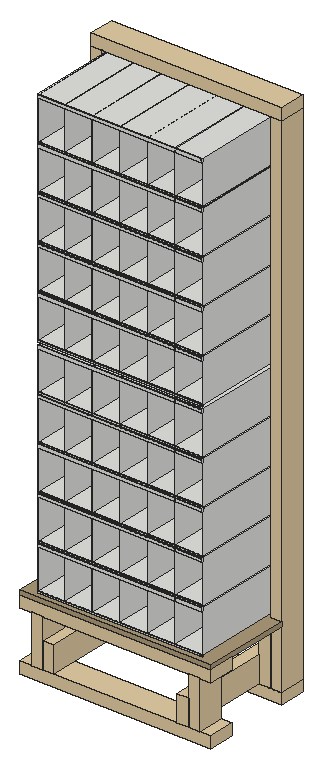
Revit family "Mailboxes_Aluminum-Standard_System-Salsbury_Industries-Wall_Installation", category Specialty Equipment, host Wall, Revit 2016
Family settings
  Host = Wall
  Part Type = Normal
  Round Connector Dimension = Use Diameter
  OmniClass Number = 23.40.90.14.11
  OmniClass Title = Mail Boxes
  Always vertical = Yes
  Cut with Voids When Loaded = No
  Shared = No
  Room Calculation Point = No
Parameters (values of type "Starter Column - 2200 Series Aluminum Mailboxes-Standard System - 2 Unit High Installation")
  Version = "2.0 (06/31/18)"
  URL = "www.mailboxes.com"
  Type Comments = "2 Unit High Installation of models 2230, 2220, 2218, 2214, 2210, 2206"
  Trim Material = Aluminum - Salsbury Finish - Black
  OmniClass 23 Title = "Mail Boxes"
  OmniClass 23 Number = "23.40.90.14.11"
  Lock Material = Stainless Steel -Salsbury Finish - Polished
  Installation Type = "Starter Column"
  Rough Opening Width = 22.500"
  Rough Opening Height = 60.000"
  Front Panel Material = Aluminum - Salsbury Finish - Aluminum
  Base Height_Calc [instance] = if(Base Height < 7.125", 7.125", Base Height)  # 10.000"
  Back Enclosure Material = Steel - Salsbury Finish - Clear
  Add On Column (not applicable) = yes
  2x4 Spacing = 24.000"
  Right Rough Opening Offset = 1.500"
  Platform Material = Plywood
  Model = "Wall Installation for 2200 Series Aluminum Mailboxes"
  MasterFormat Title = "Postal Specialties"
  MasterFormat Number = "10 55 00"
  Manufacturer = "Salsbury Industries"
  Left Rough Opening Offset = 1.500"
  Description = "For Rear Loading Unit Installation"
  Base Height [instance] = 10.000"
  Base Depth = 16.000"
  Assembly Code = "C1030910"
  2x4 Platform Support = Softwood, Lumber
  2200 Series Mailbox Unit-Top Unit [instance] = 2200_Series_Aluminum_Mailboxes_Standard_Units : 2230
  2200 Series Mailbox Unit-Bottom Unit [instance] = 2200_Series_Aluminum_Mailboxes_Standard_Units : 2230
Reference planes (in)
  plane 1 "Center of Wall": y = 0
  plane 2 "Center (Left/Right)": x = 0
  plane 3 "Front Face of Wall": y = 2.4375
  plane 4 "Left Side of RO": x = 11.25
  plane 5 "Right Side of RO": x = -11.25
  plane 6 "Top of RO": z = 70
  plane 7 "Bottom of RO": z = 10
  plane 8 "Back of Platform": y = -13.5625
  plane 9 "Floor": z = 0
  plane 10 "Back Face of Wall": y = -2.4375
  plane 11 "Base-Back Bottom Frame": z = 1.5
  plane 12 "Base-Back TopFrame": z = 7.875
  plane 13 "Base Center-Back TopFrame": z = 8.625
  plane 14 "Base Center-Back Bottom Frame": z = 0.75
  plane 15 "Bottom of Platform": z = 9.375
  plane 16 "Brace/Support Align-Right": x = -9.75
  plane 17 "Brace/Support Align-Left": x = 9.75
  plane 18 "Wall Opening Extension - Left": x = 12.75
  plane 19 "Wall Opening Extension - Right": x = -12.75
  plane 20 "Wall Opening Extension - Top": z = 71.5
  plane 21 "Right Rack Ladder Align": x = -12
  plane 22 "Left Rack Ladder Align": x = 12
  plane 23: z = 5
  plane 24: y = -1.75
  plane 25: y = 1.75
  plane 26 "Vertical Center of RO": z = 40
  plane 27: z = 70
  plane 28 "Center of Mailboxes": x = 0
  plane 29 "Mailbox Side Align": x = 11.656
  plane 30 "Bottom of Top Unit": z = 36.375
  plane 31 "Front Edge of Platform": y = 2.0625
  plane 32: y = -10.0625
  plane 33: x = 8.25
  plane 34: x = -8.25
  plane 35: x = 12.75
  plane 36: x = 11.25
  plane 37 "ADA Minimum Height Requirement": z = 15
  plane 38: z = 5
Forms (in)
  Extrusion 1, void
    sketch origin (0, 0, 0) x (1, 0, 0) y (0, 0, 1)
      loop
        line (11.25, 70) -> (-11.25, 70) -> (-11.25, 10) -> (11.25, 10) -> (11.25, 70)
    from -2.4375 to 2.4375
  Extrusion 2, void
    sketch origin (0, -2.4375, 0) x (-1, 0, 0) y (0, 0, 1)
      loop
        line (11.25, 10) -> (-11.25, 10) -> (-11.25, 0) -> (11.25, 0) -> (11.25, 10)
    from 0 to 4.5
  Extrusion 3, solid, material "Softwood, Lumber" <- "2x4 Platform Support"
    sketch origin (0, 0, 0) x (1, 0, 0) y (0, 1, 0)
      loop
        line (12.75, -13.5625) -> (12.75, -10.0625) -> (-12.75, -10.0625) -> (-12.75, -13.5625) -> (12.75, -13.5625)
    from 0 to 1.5
  Extrusion 4, solid, material "Softwood, Lumber" <- "2x4 Platform Support"
    sketch origin (0, 11.8125, 0) x (1, 0, 0) y (0, 1, 0)
      loop
        line (12.75, -13.5625) -> (12.75, -10.0625) -> (-12.75, -10.0625) -> (-12.75, -13.5625) -> (12.75, -13.5625)
    from 0 to 1.5
  Extrusion 5, solid, material "Softwood, Lumber" <- "2x4 Platform Support"
    sketch origin (0, 0, 7.875) x (1, 0, 0) y (0, 1, 0)
      loop
        line (12.75, -13.5625) -> (12.75, -10.0625) -> (-12.75, -10.0625) -> (-12.75, -13.5625) -> (12.75, -13.5625)
    from 0 to 1.5
  Extrusion 6, solid, material "Softwood, Lumber" <- "2x4 Platform Support"
    sketch origin (0, 0, 7.875) x (1, 0, 0) y (0, 1, 0)
      loop
        line (11.25, -1.75) -> (11.25, 1.75) -> (-11.25, 1.75) -> (-11.25, -1.75) -> (11.25, -1.75)
    from 0 to 1.5
  Extrusion 7, solid, material "Softwood, Lumber" <- "2x4 Platform Support"
    sketch origin (-11.25, 0, 0) x (0, 0, -1) y (0, 1, 0)
      loop
        line (-7.875, -13.5625) -> (-1.5, -13.5625) -> (-1.5, -10.0625) -> (-7.875, -10.0625) -> (-7.875, -13.5625)
    from 0 to 1.5
  Extrusion 8, solid, material "Softwood, Lumber" <- "2x4 Platform Support"
    sketch origin (-11.25, 0, 0) x (0, 0, -1) y (0, 1, 0)
      loop
        line (-7.875, -1.75) -> (-1.5, -1.75) -> (-1.5, 1.75) -> (-7.875, 1.75) -> (-7.875, -1.75)
    from 0 to 1.5
  Extrusion 9, solid, material "Softwood, Lumber" <- "2x4 Platform Support", visible <- "Add On Column (not applicable)"
    sketch origin (11.25, 0, 0) x (0, 0, -1) y (0, 1, 0)
      loop
        line (-7.875, -13.5625) -> (-1.5, -13.5625) -> (-1.5, -10.0625) -> (-7.875, -10.0625) -> (-7.875, -13.5625)
    from 0 to -1.5
  Extrusion 10, solid, material "Softwood, Lumber" <- "2x4 Platform Support", visible <- "Add On Column (not applicable)"
    sketch origin (11.25, 0, 0) x (0, 0, -1) y (0, 1, 0)
      loop
        line (-7.875, -1.75) -> (-1.5, -1.75) -> (-1.5, 1.75) -> (-7.875, 1.75) -> (-7.875, -1.75)
    from 0 to -1.5
  Extrusion 11, solid, material "Softwood, Lumber" <- "2x4 Platform Support"
    sketch origin (-9.75, 0, 0) x (0, 0, -1) y (0, -1, 0)
      loop
        line (-1.5, 13.5625) -> (-5, 13.5625) -> (-5, -1.75) -> (-1.5, -1.75) -> (-1.5, 13.5625)
    from 0 to -1.5
  Extrusion 12, solid, material "Softwood, Lumber" <- "2x4 Platform Support", visible <- "Add On Column (not applicable)"
    sketch origin (9.75, 0, 0) x (0, 0, -1) y (0, -1, 0)
      loop
        line (-1.5, 13.5625) -> (-5, 13.5625) -> (-5, -1.75) -> (-1.5, -1.75) -> (-1.5, 13.5625)
    from 0 to 1.5
  Extrusion 13, void
    sketch origin (0, 0, 71.5) x (0, -1, 0) y (1, 0, 0)
      loop
        line (2.4375, -12.75) -> (2.4375, 12.75) -> (-2.06201, 12.75) -> (-2.06201, -12.75) -> (2.4375, -12.75)
    from -71.5 to 0
  Extrusion 14, solid, material "Softwood, Lumber" <- "2x4 Platform Support", visible <- "Add On Column (not applicable)"
    sketch origin (12, 0, 0) x (0, 0, -1) y (0, -1, 0)
      loop
        line (-1.5, 1.75) -> (-70, 1.75) -> (-70, -1.75) -> (-1.5, -1.75) -> (-1.5, 1.75)
    from -0.75 to 0.75
  Extrusion 15, solid, material "Softwood, Lumber" <- "2x4 Platform Support"
    sketch origin (-12, 0, 0) x (0, 0, -1) y (0, -1, 0)
      loop
        line (-1.5, 1.75) -> (-70, 1.75) -> (-70, -1.75) -> (-1.5, -1.75) -> (-1.5, 1.75)
    from 0.75 to -0.75
  Extrusion 16, solid, material "Softwood, Lumber" <- "2x4 Platform Support"
    sketch origin (0, 11.8125, 71.5) x (0, -1, 0) y (1, 0, 0)
      loop
        line (13.5625, 12.75) -> (10.0625, 12.75) -> (10.0625, -12.75) -> (13.5625, -12.75) -> (13.5625, 12.75)
    from 0 to -1.5
  Extrusion 17, solid, material "Plywood" <- "Platform Material"
    sketch origin (0.625, 0, 9.375) x (0, -1, 0) y (1, 0, 0)
      loop
        line (13.5625, -13.375) -> (13.5625, 12.125) -> (-2.0625, 12.125) -> (-2.0625, -13.375) -> (13.5625, -13.375)
    from 0 to 0.625
  Extrusion 18, void
    sketch origin (-11.25, 0, 0) x (0, 0, -1) y (0, 1, 0)
      loop
        line (-9.375, 2.0625) -> (-10, 2.0625) -> (-10, -1.75) -> (-9.375, -1.75) -> (-9.375, 2.0625)
    from 0 to -1.5
  Extrusion 19, void
    sketch origin (11.25, 0, 0) x (0, 0, -1) y (0, 1, 0)
      loop
        line (-9.375, 2.0625) -> (-10, 2.0625) -> (-10, -1.75) -> (-9.375, -1.75) -> (-9.375, 2.0625)
    from 0 to 1.5
Cuts and joins
  Extrusion 18 cuts Extrusion 6
  Extrusion 18, Extrusion 19 cuts Extrusion 17
Lines and regions (in)
  symbolic lines
    curve 1: line (-11.25, -13.5625, 0) -> (-11.25, -10.0625, 0)
    curve 2: line (-11.25, -13.5625, 9.375) -> (-11.25, -13.5625, 0)
    curve 3: line (-11.25, -10.0625, 9.375) -> (-11.25, -13.5625, 9.375)
    curve 4: line (-11.25, -10.0625, 0) -> (-11.25, -10.0625, 9.375)
    curve 5: line (-11.25, -13.5625, 9.375) -> (-11.25, -13.5625, 10)
    curve 6: line (-11.25, -2.4375, 10) -> (-11.25, -13.5625, 10)
    curve 7: line (-11.25, -10.0625, 9.375) -> (-11.25, -2.4375, 9.375)
    curve 8: line (-11.25, -10.0625, 5) -> (-11.25, -2.4375, 5)
    curve 9: line (-11.25, -10.0625, 1.5) -> (-11.25, -2.4375, 1.5)
    curve 10: line (-12.75, 1.75, 10.9375) -> (12.75, 1.75, 10.9375)
    curve 11: line (-12.75, -1.75, 10.9375) -> (-12.75, 1.75, 10.9375)
    curve 12: line (12.75, -1.75, 10.9375) -> (-12.75, -1.75, 10.9375)
    curve 13: line (12.75, 1.75, 10.9375) -> (12.75, -1.75, 10.9375)
    curve 14: line (-12.75, -13.5625, 10.9375) -> (-12.75, -0.67696, 10.9375)
    curve 15: line (12.75, -13.5625, 10.9375) -> (-12.75, -13.5625, 10.9375)
    curve 16: line (12.75, -0.67696, 10.9375) -> (12.75, -13.5625, 10.9375)
    curve 17: line (-11.25, 2.0625, 10.9375) -> (11.25, 2.0625, 10.9375)
    curve 18: line (-11.25, 1.75, 10.9375) -> (-11.25, 2.0625, 10.9375)
    curve 19: line (11.25, 2.0625, 10.9375) -> (11.25, 1.75, 10.9375)
    curve 20: line (11.25, 0, 70) -> (-11.25, 0, 70)
    curve 21: line (-11.25, 0, 70) -> (-11.25, 0, 10)
    curve 22: line (11.25, 0, 10) -> (11.25, 0, 70)
    curve 23: line (-12.75, 0, 10) -> (12.75, 0, 10)
    curve 24: line (-12.75, 0, 7.875) -> (-12.75, 0, 10)
    curve 25: line (12.75, 0, 7.875) -> (-12.75, 0, 7.875)
    curve 26: line (12.75, 0, 10) -> (12.75, 0, 7.875)
    curve 27: line (-12.75, 0, 9.375) -> (12.75, 0, 9.375)
    curve 28: line (-12.75, 0, 1.5) -> (12.75, 0, 1.5)
    curve 29: line (-12.75, 0, 0) -> (-12.75, 0, 1.5)
    curve 30: line (12.75, 0, 0) -> (-12.75, 0, 0)
    curve 31: line (12.75, 0, 1.5) -> (12.75, 0, 0)
    curve 32: line (-12.75, 0, 7.875) -> (-12.75, 0, 1.5)
    curve 33: line (-11.25, 0, 7.875) -> (-11.25, 0, 1.5)
    curve 34: line (-9.75, 0, 7.875) -> (-9.75, 0, 1.5)
    curve 35: line (9.75, 0, 7.875) -> (9.75, 0, 1.5)
    curve 36: line (11.25, 0, 7.875) -> (11.25, 0, 1.5)
    curve 37: line (12.75, 0, 7.875) -> (12.75, 0, 1.5)
    curve 38: line (-8.25, 0, 5) -> (-8.25, 0, 1.5)
    curve 39: line (8.25, 0, 5) -> (8.25, 0, 1.5)
    curve 40: line (-8.25, 0, 5) -> (-9.75, 0, 5)
    curve 41: line (9.75, 0, 5) -> (8.25, 0, 5)
Text (in)
  text "Placement Side" at (0, 40.15149, 123.01588), in view "Right"
  text "Placement Side" at (-58.6842, 42.74981, 0), in view "Ref. Level"
  text "Placement Side" at (0, 47.49176, 140.59947), in view "Left"
Dimensions and locks (in)
  locked: plane 3 "Front Face of Wall" to host wall
  equal spacing: plane 4 "Left Side of RO", plane 2 "Center (Left/Right)", plane 5 "Right Side of RO"
  "Rough Opening Width": plane 4 "Left Side of RO" to plane 5 "Right Side of RO"
  "Rough Opening Height": plane 7 "Bottom of RO" to plane 6 "Top of RO"
  "Base Depth": plane 8 "Back of Platform" to plane 3 "Front Face of Wall"
  plane 23 to plane 11 "Base-Back Bottom Frame" to plane 14 "Base Center-Back Bottom Frame" to plane 9 "Floor" = 3.500", 0.750", 0.750"
  plane 7 "Bottom of RO" to plane 15 "Bottom of Platform" to plane 13 "Base Center-Back TopFrame" to plane 12 "Base-Back TopFrame" = 0.625", 0.750", 0.750"
  plane 5 "Right Side of RO" to plane 16 "Brace/Support Align-Right" = 1.500"
  plane 17 "Brace/Support Align-Left" to plane 4 "Left Side of RO" = 1.500"
  "Left Rough Opening Offset": plane 4 "Left Side of RO" to plane 18 "Wall Opening Extension - Left"
  "Right Rough Opening Offset": plane 19 "Wall Opening Extension - Right" to plane 5 "Right Side of RO"
  locked: plane 20 "Wall Opening Extension - Top" to plane 6 "Top of RO" at 1.5
  "2x4 Spacing": plane 21 "Right Rack Ladder Align" to plane 22 "Left Rack Ladder Align"
  plane 24 to plane 1 "Center of Wall" to plane 25 = 1.750", 1.750"
  equal spacing: plane 27, plane 26 "Vertical Center of RO", plane 7 "Bottom of RO"
  equal spacing: plane 21 "Right Rack Ladder Align", plane 28 "Center of Mailboxes", plane 22 "Left Rack Ladder Align"
  locked: plane 29 "Mailbox Side Align" to plane 22 "Left Rack Ladder Align" at 0.344
  plane 7 "Bottom of RO" to plane 30 "Bottom of Top Unit" = 26.375"
  locked: plane 35 to plane 36 at 1.5
  plane 6 "Top of RO" to plane 20 "Wall Opening Extension - Top" = 1.500"
  plane 10 "Back Face of Wall" to plane 24 = 0.6875"
  plane 8 "Back of Platform" to plane 32 = 3.500"
  locked: plane 9 "Floor" to plane 37 "ADA Minimum Height Requirement" at 15
  locked: plane 31 "Front Edge of Platform" to plane 3 "Front Face of Wall" at 0.375
  equal spacing: plane 9 "Floor", plane 38, plane 7 "Bottom of RO"
  "Base Height_Calc": plane 9 "Floor" to plane 7 "Bottom of RO"
  plane 9 "Floor" to plane 14 "Base Center-Back Bottom Frame" to plane 11 "Base-Back Bottom Frame" = 0.750", 0.750"
  plane 12 "Base-Back TopFrame" to plane 13 "Base Center-Back TopFrame" to plane 15 "Bottom of Platform" to plane 7 "Bottom of RO" = 0.750", 0.750", 0.625"
  aligned and locked: plane 9 "Floor" to level
  aligned and locked: plane 6 "Top of RO" to Extrusion 1 sketch curve
  aligned and locked: plane 5 "Right Side of RO" to Extrusion 1 sketch curve
  aligned and locked: Extrusion 1 sketch curve to plane 4 "Left Side of RO"
  aligned and locked: Extrusion 1 sketch curve to plane 7 "Bottom of RO"
  aligned and locked: host wall to Extrusion 1  (x2)
  aligned and locked: plane 10 "Back Face of Wall" to host wall
  aligned and locked: plane 7 "Bottom of RO" to Extrusion 2 sketch curve
  aligned and locked: Extrusion 2 sketch curve to plane 4 "Left Side of RO"
  aligned and locked: plane 5 "Right Side of RO" to Extrusion 2 sketch curve
  aligned and locked: Extrusion 2 sketch curve to plane 9 "Floor"
  aligned and locked: Extrusion 3 to plane 11 "Base-Back Bottom Frame"
  aligned and locked: plane 4 "Left Side of RO" to Extrusion 6
  aligned and locked: Extrusion 6 to plane 5 "Right Side of RO"
  aligned and locked: plane 11 "Base-Back Bottom Frame" to Extrusion 7
  aligned and locked: Extrusion 7 to plane 12 "Base-Back TopFrame"
  aligned and locked: plane 12 "Base-Back TopFrame" to Extrusion 5
  aligned and locked: plane 11 "Base-Back Bottom Frame" to Extrusion 8
  aligned and locked: plane 11 "Base-Back Bottom Frame" to Extrusion 9
  aligned and locked: plane 11 "Base-Back Bottom Frame" to Extrusion 10
  aligned and locked: Extrusion 9 to plane 12 "Base-Back TopFrame"
  aligned and locked: Extrusion 10 to plane 12 "Base-Back TopFrame"
  aligned and locked: Extrusion 4 to Extrusion 12
  aligned and locked: Extrusion 4 to Extrusion 11
  aligned and locked: Extrusion 13 sketch curve to plane 19 "Wall Opening Extension - Right"
  aligned and locked: plane 18 "Wall Opening Extension - Left" to Extrusion 13 sketch curve
  aligned and locked: Extrusion 4 to plane 18 "Wall Opening Extension - Left"
  aligned and locked: plane 19 "Wall Opening Extension - Right" to Extrusion 4
  aligned and locked: Extrusion 17 to plane 7 "Bottom of RO"
  aligned and locked: Extrusion 13 to level
  aligned and locked: plane 23 to Extrusion 12
  aligned and locked: Extrusion 11 to plane 23
  aligned and locked: Extrusion 5 to Extrusion 4
  aligned and locked: Extrusion 5 to plane 18 "Wall Opening Extension - Left"
  aligned and locked: Extrusion 5 to Extrusion 17
  aligned and locked: Extrusion 17 to Extrusion 5
  aligned and locked: Extrusion 3 to Extrusion 4  (x2)
  aligned and locked: Extrusion 4 to plane 11 "Base-Back Bottom Frame"
  aligned and locked: plane 11 "Base-Back Bottom Frame" to Extrusion 15
  aligned and locked: Extrusion 15 to plane 6 "Top of RO"
  aligned and locked: Extrusion 14 to plane 6 "Top of RO"
  aligned and locked: Extrusion 16 to plane 18 "Wall Opening Extension - Left"
  aligned and locked: plane 19 "Wall Opening Extension - Right" to Extrusion 16
  aligned and locked: Extrusion 17 to Extrusion 3  (x2)
  aligned and locked: plane 24 to Extrusion 4
  aligned and locked: Extrusion 4 to plane 25
  aligned and locked: plane 24 to Extrusion 14
  aligned and locked: Extrusion 14 to plane 25
  aligned and locked: Extrusion 10 to plane 25
  aligned and locked: plane 24 to Extrusion 10
  aligned and locked: plane 24 to cut or joined group of Extrusion 6, Extrusion 18
  aligned and locked: cut or joined group of Extrusion 6, Extrusion 18 to plane 25
  aligned and locked: plane 24 to Extrusion 8
  aligned and locked: Extrusion 8 to plane 25
  aligned and locked: Extrusion 16 to plane 25  (x2)
  aligned and locked: plane 24 to Extrusion 16
  aligned and locked: cut or joined group of Extrusion 17, Extrusion 18, Extrusion 19 to Extrusion 18
  aligned and locked: Extrusion 18 to Extrusion 4
  aligned and locked: Extrusion 19 to cut or joined group of Extrusion 17, Extrusion 18, Extrusion 19
  aligned and locked: Extrusion 4 to Extrusion 19
  aligned and locked: Extrusion 15 to plane 25
  aligned and locked: plane 24 to Extrusion 15
  aligned and locked: plane 6 "Top of RO" to plane 27
  aligned and locked: Extrusion 16 sketch curve to plane 24
  aligned and locked: plane 27 to Extrusion 16
  aligned and locked: Extrusion 16 to plane 20 "Wall Opening Extension - Top"
  aligned and locked: Extrusion 14 sketch curve to plane 27
  aligned and locked: Extrusion 14 sketch curve to plane 25
  aligned and locked: plane 24 to Extrusion 14 sketch curve
  aligned and locked: plane 11 "Base-Back Bottom Frame" to Extrusion 14 sketch curve
  aligned and locked: Extrusion 15 sketch curve to plane 27
  aligned and locked: Extrusion 15 sketch curve to plane 25
  aligned and locked: plane 24 to Extrusion 15 sketch curve
  aligned and locked: plane 11 "Base-Back Bottom Frame" to Extrusion 15 sketch curve
  aligned and locked: plane 5 "Right Side of RO" to Extrusion 15
  aligned and locked: plane 19 "Wall Opening Extension - Right" to Extrusion 15
  aligned and locked: Extrusion 17 sketch curve to plane 31 "Front Edge of Platform"
  aligned and locked: Extrusion 17 sketch curve to plane 18 "Wall Opening Extension - Left"
  aligned and locked: plane 19 "Wall Opening Extension - Right" to Extrusion 17 sketch curve
  aligned and locked: plane 8 "Back of Platform" to Extrusion 17 sketch curve
  aligned and locked: plane 15 "Bottom of Platform" to cut or joined group of Extrusion 17, Extrusion 18, Extrusion 19
  aligned and locked: plane 32 to Extrusion 5 sketch curve
  aligned and locked: Extrusion 5 sketch curve to plane 8 "Back of Platform"
  aligned and locked: plane 18 "Wall Opening Extension - Left" to Extrusion 5 sketch curve
  aligned and locked: Extrusion 5 sketch curve to plane 19 "Wall Opening Extension - Right"
  aligned and locked: Extrusion 6 sketch curve to plane 4 "Left Side of RO"
  aligned and locked: plane 5 "Right Side of RO" to Extrusion 6 sketch curve
  aligned and locked: Extrusion 6 sketch curve to plane 24
  aligned and locked: plane 25 to Extrusion 6 sketch curve
  aligned and locked: cut or joined group of Extrusion 6, Extrusion 18 to plane 15 "Bottom of Platform"
  aligned and locked: plane 12 "Base-Back TopFrame" to cut or joined group of Extrusion 6, Extrusion 18
  aligned and locked: Extrusion 5 to plane 15 "Bottom of Platform"
  aligned and locked: plane 25 to Extrusion 4 sketch curve
  aligned and locked: plane 18 "Wall Opening Extension - Left" to Extrusion 4 sketch curve
  aligned and locked: Extrusion 4 sketch curve to plane 24
  aligned and locked: Extrusion 4 sketch curve to plane 19 "Wall Opening Extension - Right"
  aligned and locked: plane 9 "Floor" to Extrusion 4
  aligned and locked: plane 32 to Extrusion 3 sketch curve
  aligned and locked: Extrusion 3 sketch curve to plane 8 "Back of Platform"
  aligned and locked: plane 18 "Wall Opening Extension - Left" to Extrusion 3 sketch curve
  aligned and locked: Extrusion 3 sketch curve to plane 19 "Wall Opening Extension - Right"
  aligned and locked: plane 9 "Floor" to Extrusion 3
  aligned and locked: plane 12 "Base-Back TopFrame" to Extrusion 9 sketch curve
  aligned and locked: Extrusion 9 sketch curve to plane 11 "Base-Back Bottom Frame"
  aligned and locked: plane 32 to Extrusion 9 sketch curve
  aligned and locked: Extrusion 9 sketch curve to plane 8 "Back of Platform"
  aligned and locked: plane 4 "Left Side of RO" to Extrusion 9
  aligned and locked: plane 17 "Brace/Support Align-Left" to Extrusion 9
  aligned and locked: plane 12 "Base-Back TopFrame" to Extrusion 10 sketch curve
  aligned and locked: Extrusion 10 sketch curve to plane 11 "Base-Back Bottom Frame"
  aligned and locked: plane 25 to Extrusion 10 sketch curve
  aligned and locked: Extrusion 10 sketch curve to plane 24
  aligned and locked: plane 4 "Left Side of RO" to Extrusion 10
  aligned and locked: plane 17 "Brace/Support Align-Left" to Extrusion 10
  aligned and locked: plane 12 "Base-Back TopFrame" to Extrusion 8 sketch curve
  aligned and locked: Extrusion 8 sketch curve to plane 11 "Base-Back Bottom Frame"
  aligned and locked: plane 25 to Extrusion 8 sketch curve
  aligned and locked: Extrusion 8 sketch curve to plane 24
  aligned and locked: Extrusion 8 to plane 5 "Right Side of RO"
  aligned and locked: Extrusion 8 to plane 16 "Brace/Support Align-Right"
  aligned and locked: plane 12 "Base-Back TopFrame" to Extrusion 7 sketch curve
  aligned and locked: Extrusion 7 sketch curve to plane 11 "Base-Back Bottom Frame"
  aligned and locked: plane 32 to Extrusion 7 sketch curve
  aligned and locked: Extrusion 7 sketch curve to plane 8 "Back of Platform"
  aligned and locked: Extrusion 7 to plane 16 "Brace/Support Align-Right"
  aligned and locked: Extrusion 7 to plane 5 "Right Side of RO"
  aligned and locked: plane 8 "Back of Platform" to Extrusion 12 sketch curve
  aligned and locked: Extrusion 12 sketch curve to plane 23
  aligned and locked: plane 11 "Base-Back Bottom Frame" to Extrusion 12 sketch curve
  aligned and locked: Extrusion 12 sketch curve to plane 25
  aligned and locked: plane 34 to Extrusion 11
  aligned and locked: plane 33 to Extrusion 12
  aligned and locked: Extrusion 12 to plane 17 "Brace/Support Align-Left"
  aligned and locked: Extrusion 11 sketch curve to plane 23
  aligned and locked: plane 11 "Base-Back Bottom Frame" to Extrusion 11 sketch curve
  aligned and locked: plane 8 "Back of Platform" to Extrusion 11 sketch curve
  aligned and locked: Extrusion 11 sketch curve to plane 25
  aligned and locked: plane 16 "Brace/Support Align-Right" to Extrusion 11
  aligned and locked: Extrusion 14 to plane 35
  aligned and locked: plane 36 to Extrusion 14
  aligned and locked: plane 35 to plane 18 "Wall Opening Extension - Left"
  aligned and locked: Extrusion 13 to plane 20 "Wall Opening Extension - Top"
  aligned and locked: curve 3 to plane 15 "Bottom of Platform"
  aligned and locked: curve 4 to plane 32
  aligned and locked: plane 9 "Floor" to curve 1
  aligned and locked: plane 15 "Bottom of Platform" to curve 5
  aligned and locked: plane 7 "Bottom of RO" to curve 5
  aligned and locked: curve 5 to plane 8 "Back of Platform"
  aligned and locked: plane 10 "Back Face of Wall" to curve 6
  aligned and locked: plane 8 "Back of Platform" to curve 6
  aligned and locked: curve 6 to plane 7 "Bottom of RO"
  aligned and locked: plane 10 "Back Face of Wall" to curve 7
  aligned and locked: plane 32 to curve 8
  aligned and locked: plane 10 "Back Face of Wall" to curve 8
  aligned and locked: plane 23 to curve 8
  aligned and locked: plane 10 "Back Face of Wall" to curve 9
  aligned and locked: plane 11 "Base-Back Bottom Frame" to curve 9
  aligned and locked: curve 13 to plane 35
  aligned and locked: plane 25 to curve 10
  aligned and locked: curve 12 to plane 24
  aligned and locked: curve 11 to plane 19 "Wall Opening Extension - Right"
  aligned and locked: curve 16 to plane 35
  aligned and locked: curve 15 to plane 8 "Back of Platform"
  aligned and locked: curve 14 to plane 19 "Wall Opening Extension - Right"
  aligned and locked: curve 19 to plane 36
  aligned and locked: plane 5 "Right Side of RO" to curve 18
  aligned and locked: curve 17 to plane 31 "Front Edge of Platform"
  aligned and locked: curve 20 to plane 27
  aligned and locked: curve 21 to plane 5 "Right Side of RO"
  aligned and locked: plane 4 "Left Side of RO" to curve 22
  aligned and locked: plane 7 "Bottom of RO" to curve 23
  aligned and locked: curve 24 to plane 19 "Wall Opening Extension - Right"
  aligned and locked: curve 26 to plane 35
  aligned and locked: plane 19 "Wall Opening Extension - Right" to curve 27
  aligned and locked: plane 15 "Bottom of Platform" to curve 27
  aligned and locked: plane 18 "Wall Opening Extension - Left" to curve 31
  aligned and locked: curve 30 to plane 9 "Floor"
  aligned and locked: curve 29 to plane 19 "Wall Opening Extension - Right"
  aligned and locked: plane 12 "Base-Back TopFrame" to curve 32
  aligned and locked: plane 11 "Base-Back Bottom Frame" to curve 33
  aligned and locked: curve 33 to plane 5 "Right Side of RO"
  aligned and locked: plane 16 "Brace/Support Align-Right" to curve 34
  aligned and locked: plane 12 "Base-Back TopFrame" to curve 37
  aligned and locked: plane 11 "Base-Back Bottom Frame" to curve 37
  aligned and locked: plane 17 "Brace/Support Align-Left" to curve 35
  aligned and locked: curve 36 to plane 36
  aligned and locked: plane 18 "Wall Opening Extension - Left" to curve 37
  aligned and locked: plane 23 to curve 39
  aligned and locked: curve 38 to plane 34
  aligned and locked: curve 39 to plane 33
  aligned and locked: plane 16 "Brace/Support Align-Right" to curve 40
  aligned and locked: plane 17 "Brace/Support Align-Left" to curve 41
  aligned and locked: curve 41 to plane 23
  aligned and locked: curve 40 to plane 23
  aligned and locked: nested 1 to plane 3 "Front Face of Wall"
  aligned and locked: nested 1 to plane 7 "Bottom of RO"
  aligned and locked: nested 2 to plane 26 "Vertical Center of RO"
  aligned and locked: plane 4 "Left Side of RO" to curve 20
  aligned and locked: nested 2 to plane 3 "Front Face of Wall"
  aligned and locked: nested 2 to plane 5 "Right Side of RO"
  aligned and locked: nested 1 to plane 5 "Right Side of RO"
Automatic sketch dimensions
  host wall to Extrusion 13 sketch curve = 0.000"
  Extrusion 13 sketch curve to host wall = 0.37549"
  Extrusion 16 sketch curve to plane 18 "Wall Opening Extension - Left" = 0.000"
  Extrusion 16 sketch curve to plane 19 "Wall Opening Extension - Right" = 0.000"
  Extrusion 16 sketch curve to host wall = 0.6875"
  plane 7 "Bottom of RO" to Extrusion 18 sketch curve = 0.000"
  plane 15 "Bottom of Platform" to Extrusion 18 sketch curve = 0.000"
  Extrusion 18 sketch curve to host wall = 0.6875"
  Extrusion 18 sketch curve to host wall = 0.375"
  plane 7 "Bottom of RO" to Extrusion 19 sketch curve = 0.000"
  plane 15 "Bottom of Platform" to Extrusion 19 sketch curve = 0.000"
  Extrusion 19 sketch curve to host wall = 0.6875"
  Extrusion 19 sketch curve to host wall = 0.375"
  host wall to curve 14 = 0.67696"
  host wall to curve 16 = 0.67696"
Nested families (in)
  nested 1: "2200_Series_Aluminum_Mailboxes_Standard_Units" at (0, -5.1875, 10) x (-1, 0, 0) z (0, 0, 1), type <- "2200 Series Mailbox Unit-Bottom Unit", type "2230"
    with Door Numbers yes
  nested 2: "2200_Series_Aluminum_Mailboxes_Standard_Units" at (0, -5.1875, 40) x (-1, 0, 0) z (0, 0, 1), type <- "2200 Series Mailbox Unit-Top Unit", type "2230"
    with Door Numbers yes
Definition of nested family "2200_Series_Aluminum_Mailboxes_Standard_Units"
  Parameters (values of type "2230")
    Width = 23.250"
    Void 4 Offset = 6.06262"
    Void 2 Offset = 17.937"
    Visible = yes
    Version = "2.0 (06/30/18)"
    URL = "www.mailboxes.com"
    Type Comments = "Aluminum Mailbox"
    Trim Material = none
    Rear Overhang = yes
    OmniClass 23 Title = "Mail Boxes"
    OmniClass 23 Number = "23.40.90.14.11"
    Model = "2230"
    MasterFormat Title = "Postal Specialties"
    MasterFormat Number = "10 55 00"
    Manufacturer = "Salsbury Industries"
    Lock Material = none
    Horizontal Dividers 1 and 3 = yes
    Horizontal Divider 4 = yes
    Horizontal Divider 2 = yes
    Height = 30.000"
    Front Panel Material = none
    Door Numbers [instance] = yes
    Door Location D9 = Rack Ladder #1 Door : #1 Door
    Door Location D8 = Rack Ladder #1 Door : #1 Door
    Door Location D7 = Rack Ladder #1 Door : #1 Door
    Door Location D6 = Rack Ladder #1 Door : #1 Door
    Door Location D5 = Rack Ladder #1 Door : #1 Door
    Door Location D40 = Rack Ladder None : No Door
    Door Location D4 = Rack Ladder #1 Door : #1 Door
    Door Location D39 = Rack Ladder None : No Door
    Door Location D38 = Rack Ladder None : No Door
    Door Location D37 = Rack Ladder None : No Door
    Door Location D36 = Rack Ladder None : No Door
    Door Location D35 = Rack Ladder None : No Door
    Door Location D34 = Rack Ladder None : No Door
    Door Location D33 = Rack Ladder None : No Door
    Door Location D32 = Rack Ladder None : No Door
    Door Location D31 = Rack Ladder None : No Door
    Door Location D30 = Rack Ladder #1 Door : #1 Door
    Door Location D3 = Rack Ladder #1 Door : #1 Door
    Door Location D29 = Rack Ladder #1 Door : #1 Door
    Door Location D28 = Rack Ladder #1 Door : #1 Door
    Door Location D27 = Rack Ladder #1 Door : #1 Door
    Door Location D26 = Rack Ladder #1 Door : #1 Door
    Door Location D25 = Rack Ladder #1 Door : #1 Door
    Door Location D24 = Rack Ladder #1 Door : #1 Door
    Door Location D23 = Rack Ladder #1 Door : #1 Door
    Door Location D22 = Rack Ladder #1 Door : #1 Door
    Door Location D21 = Rack Ladder #1 Door : #1 Door
    Door Location D20 = Rack Ladder #1 Door : #1 Door
    Door Location D2 = Rack Ladder #1 Door : #1 Door
    Door Location D19 = Rack Ladder #1 Door : #1 Door
    Door Location D18 = Rack Ladder #1 Door : #1 Door
    Door Location D17 = Rack Ladder #1 Door : #1 Door
    Door Location D16 = Rack Ladder #1 Door : #1 Door
    Door Location D15 = Rack Ladder #1 Door : #1 Door
    Door Location D14 = Rack Ladder #1 Door : #1 Door
    Door Location D13 = Rack Ladder #1 Door : #1 Door
    Door Location D12 = Rack Ladder #1 Door : #1 Door
    Door Location D11 = Rack Ladder #1 Door : #1 Door
    Door Location D10 = Rack Ladder #1 Door : #1 Door
    Door Location D1 = Rack Ladder #1 Door : #1 Door
    Dividers 6, 7 = no
    Dividers 1, 2, 4, 5 = yes
    Divider 6 and 7 Offset = 29.40625"
    Divider 3 = yes
    Description = "Standard System - 30 #1 Doors"
    Depth = 15.500"
    Back Enclosure Material = none
    Assembly Code = "C1030910"
  Types (7): name | Void 4 Offset | Void 2 Offset | Visible | Version | URL | Rear Overhang | OmniClass 23 Title | OmniClass 23 Number | Model | Horizontal Dividers 1 and 3 | Horizontal Divider 4 | Horizontal Divider 2 | Door Numbers | Door Location D9 | Door Location D8 | Door Location D7 | Door Location D6 | Door Location D5 | Door Location D40 | Door Location D4 | Door Location D39 | Door Location D38 | Door Location D37 | Door Location D36 | Door Location D35 | Door Location D34 | Door Location D33 | Door Location D32 | Door Location D31 | Door Location D30 | Door Location D3 | Door Location D29 | Door Location D28 | Door Location D27 | Door Location D26 | Door Location D25 | Door Location D24 | Door Location D23 | Door Location D22 | Door Location D21 | Door Location D20 | Door Location D2 | Door Location D19 | Door Location D18 | Door Location D17 | Door Location D16 | Door Location D15 | Door Location D14 | Door Location D13 | Door Location D12 | Door Location D11 | Door Location D10 | Door Location D1 | Dividers 6, 7 | Dividers 1, 2, 4, 5 | Divider 6 and 7 Offset | Divider 3 | Description
    2230 | 6.06262" | 17.937" | yes | "2.0 (06/30/18)" | "www.mailboxes.com" | yes | "Mail Boxes" | "23.40.90.14.11" | "2230" | yes | yes | yes | yes | Rack Ladder #1 Door : #1 Door | Rack Ladder #1 Door : #1 Door | Rack Ladder #1 Door : #1 Door | Rack Ladder #1 Door : #1 Door | Rack Ladder #1 Door : #1 Door | Rack Ladder None : No Door | Rack Ladder #1 Door : #1 Door | Rack Ladder None : No Door | Rack Ladder None : No Door | Rack Ladder None : No Door | Rack Ladder None : No Door | Rack Ladder None : No Door | Rack Ladder None : No Door | Rack Ladder None : No Door | Rack Ladder None : No Door | Rack Ladder None : No Door | Rack Ladder #1 Door : #1 Door | Rack Ladder #1 Door : #1 Door | Rack Ladder #1 Door : #1 Door | Rack Ladder #1 Door : #1 Door | Rack Ladder #1 Door : #1 Door | Rack Ladder #1 Door : #1 Door | Rack Ladder #1 Door : #1 Door | Rack Ladder #1 Door : #1 Door | Rack Ladder #1 Door : #1 Door | Rack Ladder #1 Door : #1 Door | Rack Ladder #1 Door : #1 Door | Rack Ladder #1 Door : #1 Door | Rack Ladder #1 Door : #1 Door | Rack Ladder #1 Door : #1 Door | Rack Ladder #1 Door : #1 Door | Rack Ladder #1 Door : #1 Door | Rack Ladder #1 Door : #1 Door | Rack Ladder #1 Door : #1 Door | Rack Ladder #1 Door : #1 Door | Rack Ladder #1 Door : #1 Door | Rack Ladder #1 Door : #1 Door | Rack Ladder #1 Door : #1 Door | Rack Ladder #1 Door : #1 Door | Rack Ladder #1 Door : #1 Door | no | yes | 29.40625" | yes | "Standard System - 30 #1 Doors"
    None | 6.063" | 17.937" | no | "1.0 (04/30/17)" | "" | no | "" | "" | "2230" | no | no | no | no | Rack Ladder #1 Door : #1 Door | Rack Ladder #1 Door : #1 Door | Rack Ladder #1 Door : #1 Door | Rack Ladder #1 Door : #1 Door | Rack Ladder #1 Door : #1 Door | Rack Ladder #1 Door : #1 Door | Rack Ladder #1 Door : #1 Door | Rack Ladder #1 Door : #1 Door | Rack Ladder #1 Door : #1 Door | Rack Ladder #1 Door : #1 Door | Rack Ladder #1 Door : #1 Door | Rack Ladder #1 Door : #1 Door | Rack Ladder #1 Door : #1 Door | Rack Ladder #1 Door : #1 Door | Rack Ladder #1 Door : #1 Door | Rack Ladder #1 Door : #1 Door | Rack Ladder #1 Door : #1 Door | Rack Ladder #1 Door : #1 Door | Rack Ladder #1 Door : #1 Door | Rack Ladder #1 Door : #1 Door | Rack Ladder #1 Door : #1 Door | Rack Ladder #1 Door : #1 Door | Rack Ladder #1 Door : #1 Door | Rack Ladder #1 Door : #1 Door | Rack Ladder #1 Door : #1 Door | Rack Ladder #1 Door : #1 Door | Rack Ladder #1 Door : #1 Door | Rack Ladder #1 Door : #1 Door | Rack Ladder #1 Door : #1 Door | Rack Ladder #1 Door : #1 Door | Rack Ladder #1 Door : #1 Door | Rack Ladder #1 Door : #1 Door | Rack Ladder #1 Door : #1 Door | Rack Ladder #1 Door : #1 Door | Rack Ladder #1 Door : #1 Door | Rack Ladder #1 Door : #1 Door | Rack Ladder #1 Door : #1 Door | Rack Ladder #1 Door : #1 Door | Rack Ladder #1 Door : #1 Door | Rack Ladder #1 Door : #1 Door | no | no | 29.406" | no | "Standard System - 30 #1 Doors"
    2220 | 6.06262" | 17.937" | yes | "2.0 (06/30/18)" | "www.mailboxes.com" | yes | "Mail Boxes" | "23.40.90.14.11" | "2220" | yes | yes | yes | yes | Rack Ladder #2 Door : #2 Door | Rack Ladder None : No Door | Rack Ladder None : No Door | Rack Ladder #2 Door : #2 Door | Rack Ladder None : No Door | Rack Ladder #2 Door : #2 Door | Rack Ladder None : No Door | Rack Ladder #2 Door : #2 Door | Rack Ladder #2 Door : #2 Door | Rack Ladder #2 Door : #2 Door | Rack Ladder #2 Door : #2 Door | Rack Ladder #2 Door : #2 Door | Rack Ladder #2 Door : #2 Door | Rack Ladder #2 Door : #2 Door | Rack Ladder #2 Door : #2 Door | Rack Ladder #2 Door : #2 Door | Rack Ladder #2 Door : #2 Door | Rack Ladder #2 Door : #2 Door | Rack Ladder None : No Door | Rack Ladder None : No Door | Rack Ladder #2 Door : #2 Door | Rack Ladder None : No Door | Rack Ladder None : No Door | Rack Ladder #2 Door : #2 Door | Rack Ladder None : No Door | Rack Ladder None : No Door | Rack Ladder #2 Door : #2 Door | Rack Ladder None : No Door | Rack Ladder None : No Door | Rack Ladder None : No Door | Rack Ladder #2 Door : #2 Door | Rack Ladder None : No Door | Rack Ladder None : No Door | Rack Ladder #2 Door : #2 Door | Rack Ladder None : No Door | Rack Ladder None : No Door | Rack Ladder #2 Door : #2 Door | Rack Ladder None : No Door | Rack Ladder None : No Door | Rack Ladder None : No Door | yes | no | 29.40625" | yes | "Standard System - 20 #2 Doors"
    2218 | 6.06262" | 17.937" | yes | "2.0 (06/30/18)" | "www.mailboxes.com" | yes | "Mail Boxes" | "23.40.90.14.11" | "2218" | yes | yes | yes | yes | Rack Ladder #2 Door : #2 Door | Rack Ladder None : No Door | Rack Ladder None : No Door | Rack Ladder #2 Door : #2 Door | Rack Ladder None : No Door | Rack Ladder None : No Door | Rack Ladder None : No Door | Rack Ladder None : No Door | Rack Ladder #2 Door : #2 Door | Rack Ladder #2 Door : #2 Door | Rack Ladder #2 Door : #2 Door | Rack Ladder #2 Door : #2 Door | Rack Ladder #2 Door : #2 Door | Rack Ladder #2 Door : #2 Door | Rack Ladder #2 Door : #2 Door | Rack Ladder #2 Door : #2 Door | Rack Ladder #3 Door : #3 Door | Rack Ladder #2 Door : #2 Door | Rack Ladder None : No Door | Rack Ladder None : No Door | Rack Ladder #3 Door : #3 Door | Rack Ladder None : No Door | Rack Ladder None : No Door | Rack Ladder #2 Door : #2 Door | Rack Ladder None : No Door | Rack Ladder None : No Door | Rack Ladder #2 Door : #2 Door | Rack Ladder None : No Door | Rack Ladder None : No Door | Rack Ladder None : No Door | Rack Ladder #2 Door : #2 Door | Rack Ladder None : No Door | Rack Ladder None : No Door | Rack Ladder #2 Door : #2 Door | Rack Ladder None : No Door | Rack Ladder None : No Door | Rack Ladder #2 Door : #2 Door | Rack Ladder None : No Door | Rack Ladder None : No Door | Rack Ladder None : No Door | yes | no | 23.437" | yes | "Standard System - 16 #2 Doors; 2 #3 Doors"
    2214 | 0.000" | 17.937" | yes | "2.0 (06/30/18)" | "www.mailboxes.com" | yes | "Mail Boxes" | "23.40.90.14.11" | "2214" | yes | no | yes | yes | Rack Ladder #2 Door : #2 Door | Rack Ladder None : No Door | Rack Ladder None : No Door | Rack Ladder #2 Door : #2 Door | Rack Ladder None : No Door | Rack Ladder None : No Door | Rack Ladder None : No Door | Rack Ladder None : No Door | Rack Ladder None : No Door | Rack Ladder None : No Door | Rack Ladder #2 Door : #2 Door | Rack Ladder #2 Door : #2 Door | Rack Ladder #2 Door : #2 Door | Rack Ladder #2 Door : #2 Door | Rack Ladder #2 Door : #2 Door | Rack Ladder #2 Door : #2 Door | Rack Ladder #4 Door : #4 Door | Rack Ladder #2 Door : #2 Door | Rack Ladder None : No Door | Rack Ladder None : No Door | Rack Ladder #4 Door : #4 Door | Rack Ladder None : No Door | Rack Ladder None : No Door | Rack Ladder None : No Door | Rack Ladder None : No Door | Rack Ladder None : No Door | Rack Ladder None : No Door | Rack Ladder None : No Door | Rack Ladder None : No Door | Rack Ladder None : No Door | Rack Ladder #2 Door : #2 Door | Rack Ladder None : No Door | Rack Ladder None : No Door | Rack Ladder #2 Door : #2 Door | Rack Ladder None : No Door | Rack Ladder None : No Door | Rack Ladder #2 Door : #2 Door | Rack Ladder None : No Door | Rack Ladder None : No Door | Rack Ladder None : No Door | yes | no | 17.500" | yes | "Standard System - 12 #2 Doors; 2 #4 Doors"
    2210 | 6.06262" | 17.937" | yes | "2.0 (06/30/18)" | "www.mailboxes.com" | yes | "Mail Boxes" | "23.40.90.14.11" | "2210" | yes | yes | yes | yes | Rack Ladder #3 Door : #3 Door | Rack Ladder None : No Door | Rack Ladder None : No Door | Rack Ladder #3 Door : #3 Door | Rack Ladder None : No Door | Rack Ladder None : No Door | Rack Ladder None : No Door | Rack Ladder None : No Door | Rack Ladder None : No Door | Rack Ladder None : No Door | Rack Ladder None : No Door | Rack Ladder None : No Door | Rack Ladder None : No Door | Rack Ladder None : No Door | Rack Ladder None : No Door | Rack Ladder None : No Door | Rack Ladder #3 Door : #3 Door | Rack Ladder #3 Door : #3 Door | Rack Ladder None : No Door | Rack Ladder None : No Door | Rack Ladder #3 Door : #3 Door | Rack Ladder None : No Door | Rack Ladder None : No Door | Rack Ladder #3 Door : #3 Door | Rack Ladder None : No Door | Rack Ladder None : No Door | Rack Ladder #3 Door : #3 Door | Rack Ladder None : No Door | Rack Ladder None : No Door | Rack Ladder None : No Door | Rack Ladder #3 Door : #3 Door | Rack Ladder None : No Door | Rack Ladder None : No Door | Rack Ladder #3 Door : #3 Door | Rack Ladder None : No Door | Rack Ladder None : No Door | Rack Ladder #3 Door : #3 Door | Rack Ladder None : No Door | Rack Ladder None : No Door | Rack Ladder None : No Door | no | no | 29.406" | yes | "Standard System - 10 #3 Doors"
    2206 | 0.000" | 0.000" | yes | "2.0 (06/30/18)" | "www.mailboxes.com" | yes | "Mail Boxes" | "23.40.90.14.11" | "2206" | yes | no | no | yes | Rack Ladder None : No Door | Rack Ladder None : No Door | Rack Ladder None : No Door | Rack Ladder #3 Door : #3 Door | Rack Ladder None : No Door | Rack Ladder None : No Door | Rack Ladder None : No Door | Rack Ladder None : No Door | Rack Ladder None : No Door | Rack Ladder None : No Door | Rack Ladder None : No Door | Rack Ladder None : No Door | Rack Ladder None : No Door | Rack Ladder None : No Door | Rack Ladder None : No Door | Rack Ladder None : No Door | Rack Ladder #4 Door : #4 Door | Rack Ladder #3 Door : #3 Door | Rack Ladder None : No Door | Rack Ladder None : No Door | Rack Ladder #4 Door : #4 Door | Rack Ladder None : No Door | Rack Ladder None : No Door | Rack Ladder None : No Door | Rack Ladder None : No Door | Rack Ladder None : No Door | Rack Ladder None : No Door | Rack Ladder None : No Door | Rack Ladder None : No Door | Rack Ladder None : No Door | Rack Ladder #4 Door : #4 Door | Rack Ladder None : No Door | Rack Ladder None : No Door | Rack Ladder #4 Door : #4 Door | Rack Ladder None : No Door | Rack Ladder None : No Door | Rack Ladder None : No Door | Rack Ladder None : No Door | Rack Ladder None : No Door | Rack Ladder None : No Door | no | no | 29.406" | yes | "Standard System - 2 #3 Doors; 4 #4 Doors"
  Reference planes (in)
    plane 1 "Center (Front/Back)": y = 0
    plane 2 "Bottom": z = 0
    plane 3 "Center (Left/Right)": x = 0
    plane 4 "Left": x = -11.625
    plane 5 "Right": x = 11.625
    plane 6 "Front": y = -7.75
    plane 7 "Back": y = 7.75
    plane 8 "Vertical Center": z = 15
    plane 9 "Top": z = 30
    plane 10: y = -7.625
    plane 11 "Door Align-Back of Door": y = -7.09375
    plane 12 "Back Edge of Top Trim": y = -6.21875
    plane 13 "Front Edge of Side Panels": y = -6.8125
    plane 14 "Back Edge of Side Panels": y = 7.625
    plane 15: y = -7.563
    plane 16: y = -7.063
    plane 17 "Back Edge of Bottom Trim": y = -6.1255
    plane 18: z = 0.125
    plane 19: z = 0.0625
    plane 20 "Bottom Trim Height": z = 0.25
    plane 21 "Top Trim Height": z = 29.6875
    plane 22: z = 29.84375
    plane 23: z = 29.875
    plane 24 "Right Side Trim Alignment-Top and Bottom Trim": x = 11.25
    plane 25 "Inner Right Side of Trim": x = 11.09375
    plane 26 "Right Wall of Enclsosure": x = 10.93775
    plane 27: y = -7.5
    plane 28: y = -7.375
    plane 29 "Back Edge of Side Trim": y = -6.3125
    plane 30 "Left Side Trim Alignment-Top and Bottom Trim": x = -11.25
    plane 31 "Trop Trim Extrusion Line": y = -7.53125
    plane 32 "Left Wall of Enclosure": x = -11.0935
    plane 33: z = 29.65625
    plane 34: z = 0
    plane 35: x = -11.59375
    plane 36: x = 11.625
    plane 37 "Door Divider 2": x = -3.6975
    plane 38 "Door Divider 3": x = 0.0005
    plane 39 "Door Divider 4": x = 3.6985
    plane 40 "Door Divider 7": x = 5.54825
    plane 41 "Door Divider 5": x = 7.3965
    plane 42 "Door Divider 6": x = -5.54675
    plane 43 "Door Divider 1": x = -7.3955
    plane 44 "Door Divider Offset Align": x = 11.09375
    plane 45 "Door Divider": x = 11.09375
    plane 46 "Void 4 Offset": z = 6.06262
    plane 47 "Door Align - Row 5": z = 0.28125
    plane 48 "Gap 4 Top": z = 6.219
    plane 49 "Vertical Door Align 5": x = 7.23725
    plane 50 "Vertical Door Align 8": x = 5.389
    plane 51 "Vertical Door Align 4": x = 3.53925
    plane 52 "Vertical Door Align 3": x = -0.15875
    plane 53 "Vertical Door Align 2": x = -3.85675
    plane 54 "Vertical Door Align 7": x = -5.70575
    plane 55 "Vertical Door Align 1": x = -7.5545
    plane 56 "Vertical Door Align 6": x = 10.9375
    plane 57 "OffSet Divider Line": x = -11.0935
    plane 58 "Gap 4 Bottom": z = 5.90625
    plane 59 "Gap 3 Bottom": z = 11.844
    plane 60 "Gap 3 Top": z = 12.156
    plane 61 "Void 3 Offset": z = 12
    plane 62 "Gap 2 Bottom": z = 17.781
    plane 63 "Gap 2 Top": z = 18.093
    plane 64 "Void 2 Offset": z = 17.937
    plane 65 "Gap 1 Bottom": z = 23.718
    plane 66 "Gap 1 Top": z = 24.03
    plane 67 "Void 1 Offset": z = 23.874
    plane 68: z = 17.999
    plane 69: z = 23.936
    plane 70: z = 12.06175
    plane 71: z = 6.125
    plane 72 "Divider Offset": z = 0.25
    plane 73 "Top of Divider Offset": z = 29.65625
    plane 74: x = 11.99975
    plane 75: x = -11.9995
    plane 76: y = 7.594
    plane 77: z = 6.18762
    plane 78: z = 5.93762
    plane 79: z = 11.875
    plane 80: z = 12.125
    plane 81: z = 17.812
    plane 82: z = 18.062
    plane 83: z = 23.749
    plane 84: z = 23.999
    plane 85: z = 5.53125
    plane 86: z = 5.88241
    plane 87: z = 5.56225
    plane 88: y = 7.719
    plane 89: y = 7.68316
    plane 90: y = 7.65216
    plane 91: z = 11.469
    plane 92: z = 11.5
    plane 93: z = 11.82016
    plane 94: y = 7.719
    plane 95: y = 7.68316
    plane 96: y = 7.65216
    plane 97: z = 17.406
    plane 98: z = 17.437
    plane 99: z = 17.75716
    plane 100: y = 7.719
    plane 101: y = 7.68316
    plane 102: y = 7.65216
    plane 103: z = 23.343
    plane 104: z = 23.374
    plane 105: z = 23.69416
    plane 106: y = 7.719
    plane 107: y = 7.68316
    plane 108: y = 7.65216
    plane 109: z = 29.28125
    plane 110: z = 29.31225
    plane 111: z = 29.63266
    plane 112: y = 7.719
    plane 113: y = 7.6812
    plane 114: y = 7.6502
    plane 115: x = -11.06225
    plane 116: x = 10.9065
    plane 117: x = 7.3965
    plane 118: x = 5.57925
    plane 119: x = 7.4275
    plane 120: x = 3.7295
    plane 121: x = 0.0315
    plane 122: x = -3.6665
    plane 123: x = -5.51575
    plane 124: x = -7.3645
  Forms (in)
    Extrusion 1, solid, material <- "Trim Material", visible <- "Visible"
      sketch origin (0, 0, 0) x (0, 1, 0) y (0, 0, 1)
        loop
          line (-7.75, 29.6875) -> (-6.3125, 29.6875) -> (-6.3125, 29.84375) -> (-7.09375, 29.84375) -> (-7.09375, 29.875) -> (-7.625, 29.875) -> (-7.625, 30) -> (-7.75, 30) -> (-7.75, 29.6875)
      from -11.0935 to 11.09375
    Extrusion 2, solid, material <- "Trim Material", visible <- "Visible"
      sketch origin (0, 0, 0) x (0, 1, 0) y (0, 0, 1)
        loop
          line (-6.3125, 0.25) -> (-7.75, 0.25) -> (-7.75, 0.125) -> (-7.563, 0.125) -> (-7.563, 0) -> (-7.063, 0) -> (-7.063, 0.0625) -> (-6.3125, 0.0625) -> (-6.3125, 0.25)
      from -11.25 to 11.25
    Extrusion 3, solid, material <- "Trim Material", visible <- "Visible"
      sketch origin (0, 0, 15) x (0, -1, 0) y (1, 0, 0)
        loop
          line (7.75, 11.09375) -> (7.75, 11.99975) -> (7.625, 11.99975) -> (7.625, 11.25) -> (6.3125, 11.25) -> (6.3125, 11.09375) -> (7.75, 11.09375)
      from -14.75 to 14.84375
    Extrusion 4, solid, material <- "Trim Material", visible <- "Visible"
      sketch origin (0, 0, 15) x (0, -1, 0) y (1, 0, 0)
        loop
          line (7.625, -11.9995) -> (7.75, -11.9995) -> (7.75, -11.0935) -> (6.3125, -11.0935) -> (6.3125, -11.25) -> (7.625, -11.25) -> (7.625, -11.9995)
      from -14.75 to 14.84375
    Sweep 5, solid, material <- "Back Enclosure Material", visible <- "Visible"
      path origin (0, 0, 0) x (1, 0, 0) y (0, 0, 1)
        loop
          line (-11.0935, 29.6875) -> (-11.0935, 0.25) -> (10.93775, 0.25) -> (10.93775, 29.6875) -> (-11.0935, 29.6875)
      profile origin (-0.07788, 0, 29.6875) x (0, 0, 1) y (0, -1, 0)
        loop
          line (0, 7.063) -> (-0.03125, 7.063) -> (-0.03125, -7.625) -> (0, -7.625) -> (0, 7.063)
    Extrusion 6, solid, material <- "Back Enclosure Material", visible <- "Rear Overhang"
      sketch origin (0, 0, 0) x (0, 1, 0) y (0, 0, 1)
        loop
          line (7.625, 29.6875) -> (7.625, 29.65625) -> (7.719, 29.65625) -> (7.719, 29.31225) -> (7.6812, 29.31225) -> (7.6812, 29.63266) -> (7.6502, 29.63266) -> (7.6502, 29.28125) -> (7.75, 29.28125) -> (7.75, 29.6875) -> (7.625, 29.6875)
      from -11.0935 to 10.93775
    Extrusion 7, solid, material <- "Back Enclosure Material", visible <- "Visible"
      sketch origin (0, 0, 0) x (0, 1, 0) y (0, 0, 1)
        loop
          line (7.625, 0.25) -> (7.594, 0.25) -> (7.594, 0) -> (7.625, 0) -> (7.625, 0.25)
      from -11.0935 to 10.93775
    Extrusion 8, void
      sketch origin (0, 0, 6.06262) x (0, -1, 0) y (1, 0, 0)
        loop
          line (-7.625, -11.0935) -> (7.563, -11.0935) -> (7.563, 11.09375) -> (-7.625, 11.09375) -> (-7.625, -11.0935)
      from -0.125 to 0.125
    Extrusion 9, solid, material <- "Back Enclosure Material", visible <- "Horizontal Dividers 1 and 3", detail levels fine
      sketch origin (0, 0, 3.0455) x (0, 1, 0) y (0, 0, 1)
        loop
          line (7.625, 20.7035) -> (7.625, 20.9535) -> (7.594, 20.9535) -> (7.594, 20.6725) -> (7.719, 20.6725) -> (7.719, 20.3285) -> (7.68316, 20.3285) -> (7.68316, 20.64866) -> (7.65216, 20.64866) -> (7.65216, 20.2975) -> (7.75, 20.2975) -> (7.75, 20.7035) -> (7.625, 20.7035)
      from -11.0935 to 10.93775
    Extrusion 10, solid, material <- "Front Panel Material", visible <- "Visible"
      sketch origin (11.09375, 0, 0) x (0, -1, 0) y (0, 0, 1)
        loop
          line (6.3125, 29.6875) -> (6.3125, 0.25) -> (7.53125, 0.25) -> (7.53125, 29.6875) -> (6.3125, 29.6875)
      from 0 to 0.156
    Extrusion 11, solid, material <- "Front Panel Material", visible <- "Dividers 6, 7"
      sketch origin (5.54825, 0, 0) x (0, 0, -1) y (0, -1, 0)
        loop
          line (-29.6875, 6.3125) -> (-0.25, 6.3125) -> (-0.25, 7.53125) -> (-29.6875, 7.53125) -> (-29.6875, 6.3125)
      from 0 to 0.15925
    Extrusion 12, solid, material <- "Front Panel Material", visible <- "Dividers 1, 2, 4, 5"
      sketch origin (7.3965, 0, 0) x (0, 0, -1) y (0, -1, 0)
        loop
          line (-29.6875, 6.3125) -> (-0.25, 6.3125) -> (-0.25, 7.53125) -> (-29.6875, 7.53125) -> (-29.6875, 6.3125)
      from 0 to 0.15925
    Extrusion 13, solid, material <- "Front Panel Material", visible <- "Dividers 6, 7"
      sketch origin (-5.54675, 0, 0) x (0, 0, -1) y (0, 1, 0)
        loop
          line (-29.6875, -6.3125) -> (-29.6875, -7.53125) -> (-0.25, -7.53125) -> (-0.25, -6.3125) -> (-29.6875, -6.3125)
      from 0 to -0.159
    Extrusion 14, solid, material <- "Front Panel Material", visible <- "Dividers 1, 2, 4, 5"
      sketch origin (3.6985, 0, 0) x (0, 0, -1) y (0, -1, 0)
        loop
          line (-29.6875, 6.3125) -> (-0.25, 6.3125) -> (-0.25, 7.53125) -> (-29.6875, 7.53125) -> (-29.6875, 6.3125)
      from 0 to 0.15925
    Extrusion 15, solid, material <- "Front Panel Material", visible <- "Divider 3"
      sketch origin (0.0005, 0, 0) x (0, 0, -1) y (0, -1, 0)
        loop
          line (-29.6875, 6.3125) -> (-0.28125, 6.3125) -> (-0.28125, 7.53125) -> (-29.6875, 7.53125) -> (-29.6875, 6.3125)
      from 0 to 0.15925
    Extrusion 16, solid, material <- "Front Panel Material", visible <- "Dividers 1, 2, 4, 5"
      sketch origin (-3.6975, 0, 0) x (0, 0, -1) y (0, -1, 0)
        loop
          line (-29.6875, 6.3125) -> (-0.25, 6.3125) -> (-0.25, 7.53125) -> (-29.6875, 7.53125) -> (-29.6875, 6.3125)
      from 0 to 0.15925
    Extrusion 17, solid, material <- "Front Panel Material", visible <- "Dividers 1, 2, 4, 5"
      sketch origin (-7.3955, 0, 0) x (0, 0, -1) y (0, 1, 0)
        loop
          line (-29.6875, -6.3125) -> (-29.6875, -7.53125) -> (-0.25, -7.53125) -> (-0.25, -6.3125) -> (-29.6875, -6.3125)
      from 0 to -0.159
    Extrusion 18, solid, material <- "Back Enclosure Material", visible <- "Horizontal Divider 4"
      sketch origin (0, 0, 5.90625) x (0, -1, 0) y (1, 0, 0)
        loop
          line (-7.625, -11.06225) -> (7.09375, -11.06225) -> (7.09375, 10.9065) -> (-7.625, 10.9065) -> (-7.625, -11.06225)
      from 0 to 0.03138
    Extrusion 19, solid, material <- "Back Enclosure Material", visible <- "Horizontal Divider 4"
      sketch origin (0, 0, 6.219) x (0, -1, 0) y (1, 0, 0)
        loop
          line (-7.625, -11.06225) -> (7.09375, -11.06225) -> (7.09375, 10.9065) -> (-7.625, 10.9065) -> (-7.625, -11.06225)
      from 0 to -0.03138
    Extrusion 20, solid, material <- "Back Enclosure Material", visible <- "Dividers 1, 2, 4, 5"
      sketch origin (7.3965, 0, 0) x (0, 0, -1) y (0, -1, 0)
        loop
          line (-29.65625, 7.063) -> (-29.65625, -7.625) -> (-0.28125, -7.625) -> (-0.28125, 7.063) -> (-29.65625, 7.063)
      from 0 to -0.031
    Extrusion 21, solid, material <- "Back Enclosure Material", visible <- "Dividers 1, 2, 4, 5"
      sketch origin (3.6985, 0, 0) x (0, 0, -1) y (0, -1, 0)
        loop
          line (-29.65625, 7.063) -> (-29.65625, -7.625) -> (-0.28125, -7.625) -> (-0.28125, 7.063) -> (-29.65625, 7.063)
      from 0 to -0.031
    Extrusion 22, solid, material <- "Back Enclosure Material", visible <- "Divider 3"
      sketch origin (0.0005, 0, 0) x (0, 0, -1) y (0, -1, 0)
        loop
          line (-29.65625, 7.063) -> (-29.65625, -7.625) -> (-0.28125, -7.625) -> (-0.28125, 7.063) -> (-29.65625, 7.063)
      from 0 to -0.031
    Extrusion 23, solid, material <- "Back Enclosure Material", visible <- "Dividers 1, 2, 4, 5"
      sketch origin (-3.6975, 0, 0) x (0, 0, -1) y (0, -1, 0)
        loop
          line (-29.65625, 7.063) -> (-29.65625, -7.625) -> (-0.28125, -7.625) -> (-0.28125, 7.063) -> (-29.65625, 7.063)
      from 0 to -0.031
    Extrusion 24, solid, material <- "Back Enclosure Material", visible <- "Dividers 1, 2, 4, 5"
      sketch origin (-7.3955, 0, 0) x (0, 0, -1) y (0, 1, 0)
        loop
          line (-29.65625, -7.063) -> (-0.28125, -7.063) -> (-0.28125, 7.625) -> (-29.65625, 7.625) -> (-29.65625, -7.063)
      from 0 to 0.031
    Extrusion 25, solid, material <- "Back Enclosure Material", visible <- "Dividers 6, 7"
      sketch origin (5.54825, 0, 0) x (0, 0, -1) y (0, -1, 0)
        loop
          line (-29.65625, 7.063) -> (-29.65625, -7.625) -> (-0.25, -7.625) -> (-0.25, 7.063) -> (-29.65625, 7.063)
      from 0 to -0.031
    Extrusion 26, solid, material <- "Back Enclosure Material", visible <- "Dividers 6, 7"
      sketch origin (-5.54675, 0, 0) x (0, 0, -1) y (0, 1, 0)
        loop
          line (-29.65625, -7.063) -> (-0.25, -7.063) -> (-0.25, 7.625) -> (-29.65625, 7.625) -> (-29.65625, -7.063)
      from 0 to 0.031
    Extrusion 27, solid, material <- "Back Enclosure Material", visible <- "Horizontal Dividers 1 and 3"
      sketch origin (0, 0, 12.156) x (0, -1, 0) y (1, 0, 0)
        loop
          line (-7.625, -11.06225) -> (7.09375, -11.06225) -> (7.09375, 10.9065) -> (-7.625, 10.9065) -> (-7.625, -11.06225)
      from 0 to -0.031
    Extrusion 28, solid, material <- "Back Enclosure Material", visible <- "Horizontal Dividers 1 and 3"
      sketch origin (0, 0, 11.844) x (0, -1, 0) y (1, 0, 0)
        loop
          line (-7.625, -11.06225) -> (7.09375, -11.06225) -> (7.09375, 10.9065) -> (-7.625, 10.9065) -> (-7.625, -11.06225)
      from 0 to 0.031
    Extrusion 29, void
      sketch origin (0, 0, 12) x (-1, 0, 0) y (0, -1, 0)
        loop
          line (11.0935, -7.625) -> (11.0935, 7.563) -> (-11.09375, 7.563) -> (-11.09375, -7.625) -> (11.0935, -7.625)
      from -0.125 to 0.125
    Extrusion 30, solid, material <- "Back Enclosure Material", visible <- "Horizontal Divider 2"
      sketch origin (0, 0, 17.781) x (0, -1, 0) y (1, 0, 0)
        loop
          line (-7.625, -11.06225) -> (7.09375, -11.06225) -> (7.09375, 10.9065) -> (-7.625, 10.9065) -> (-7.625, -11.06225)
      from 0 to 0.031
    Extrusion 31, solid, material <- "Back Enclosure Material", visible <- "Horizontal Divider 2"
      sketch origin (0, 0, 18.093) x (0, -1, 0) y (1, 0, 0)
        loop
          line (-7.625, -11.06225) -> (7.09375, -11.06225) -> (7.09375, 10.9065) -> (-7.625, 10.9065) -> (-7.625, -11.06225)
      from 0 to -0.031
    Extrusion 32, void
      sketch origin (0, 0, 17.937) x (-1, 0, 0) y (0, -1, 0)
        loop
          line (11.0935, -7.625) -> (11.0935, 7.563) -> (-11.09375, 7.563) -> (-11.09375, -7.625) -> (11.0935, -7.625)
      from -0.125 to 0.125
    Extrusion 33, void
      sketch origin (0, 0, 23.874) x (-1, 0, 0) y (0, -1, 0)
        loop
          line (11.0935, -7.625) -> (11.0935, 7.563) -> (-11.09375, 7.563) -> (-11.09375, -7.625) -> (11.0935, -7.625)
      from -0.125 to 0.125
    Extrusion 34, solid, material <- "Back Enclosure Material", visible <- "Horizontal Dividers 1 and 3"
      sketch origin (0, 0, 23.718) x (0, -1, 0) y (1, 0, 0)
        loop
          line (-7.625, -11.06225) -> (7.09375, -11.06225) -> (7.09375, 10.9065) -> (-7.625, 10.9065) -> (-7.625, -11.06225)
      from 0 to 0.031
    Extrusion 35, solid, material <- "Back Enclosure Material", visible <- "Horizontal Dividers 1 and 3"
      sketch origin (0, 0, 24.03) x (0, -1, 0) y (1, 0, 0)
        loop
          line (-7.625, -11.06225) -> (7.09375, -11.06225) -> (7.09375, 10.9065) -> (-7.625, 10.9065) -> (-7.625, -11.06225)
      from 0 to -0.031
    Extrusion 36, solid, material <- "Trim Material", visible <- "Horizontal Divider 2"
      sketch origin (0, 0, 0) x (0, 1, 0) y (0, 0, 1)
        loop
          line (-6.3125, 18.062) -> (-7.75, 18.062) -> (-7.75, 17.999) -> (-7.53125, 17.999) -> (-7.53125, 17.812) -> (-6.3125, 17.812) -> (-6.3125, 18.062)
      from -11.0935 to 11.09375
